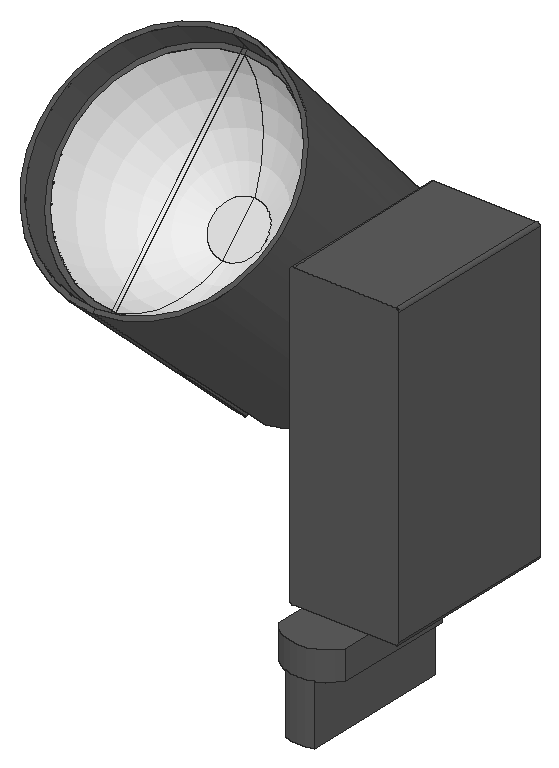
Revit family "0004856 Feilo Sylvania Lighting Fixture START TRACK SPOT L 55W 4K RA80 NB BLACK", category Lighting Fixtures, host Face, Revit 2017
Family settings
  Host = Face
  Round Connector Dimension = Use Diameter
  Part Type = Normal
  OmniClass Number = 23.80.70.00
  OmniClass Title = Lighting
  Cut with Voids When Loaded = No
  Light Source = No
  Shared = No
  Room Calculation Point = No
Parameters (values of type "0004856 START TRACK SPOT L 55W 4K RA80 NB BLACK")
  Weight = "1.398 kg"
  Wattage Comments = ""
  WarrantyStartDate [instance] = "n/a"
  WarrantyGuarantorParts = "n/a"
  WarrantyDurationUnit = "n/a"
  WarrantyDurationParts = "n/a"
  WarrantyDescription = "n/a"
  Voltage = 230 V
  URL = "http://www.sylvania-lighting.com"
  TypeName = "START TRACK SPOT L 55W 4K RA80 NB BLACK"
  TypeHead_FEILO = Start Track Spot Head : 0004856 START TRACK SPOT L 55W 4K RA80 NB BLACK
  TypeBox_FEILO = Start Track Spot Box : Type Large Black
  Type Image = <None>
  Type Comments = "n/a"
  VerticalRotation_FEILO [instance] = 0.00°
  SlideEndAngle_FEILO [instance] = VerticalRotation_FEILO + 180.00°  # 180.00°
  SerialNumber [instance] = "n/a"
  Material_3_FEILO = none
  PowerFactor = 0.96
  PowerConsumption = "55 W"
  NominalLength = 0 mm
  NominalHeight = 240 mm
  NominalDepth = 164 mm
  Name = "START TRACK SPOT L 55W 4K RA80 NB BLACK"
  ModelReference = Name  # "START TRACK SPOT L 55W 4K RA80 NB BLACK"
  ModelNumber = "0004856"
  Model = Name  # "START TRACK SPOT L 55W 4K RA80 NB BLACK"
  Material = "adc12 aluminium housing, polycarbonate diffuser"
  ManufacturerName = "Feilo Sylvania"
  Manufacturer = "Feilo Sylvania"
  LuminousEfficacy = "99 lm/W"
  LuminaireType = ""
  LightOutputRatio = "100"
  LampsType = Lamp  # "LED"
  LampNominalLuminous = "5426 lm"
  LampMacAdamStep = "3"
  LampColourTemperature = "4000 K"
  LampColourRenderingIndex = "80"
  Lamp = "LED"
  Keynote = "16500"
  InstallationDate [instance] = "n/a"
  InputVoltage = "230-240V~"
  InputNominalFrequency = "50/60 Hz"
  IngressProtection = "IP20"
  ImpactProtectionIndex = "IK02"
  IfcExportType = "IfcLightFixtureType"
  IfcExportAs = "IfcLightFixtureType"
  HorizontalRotation_FEILO [instance] = 45.00°
  ExpectedLife = 50000
  ElectricShockClassification = "Class II"
  DurationUnit = "hours"
  DocumentationLiterature = "http://www.sylvania-lighting.com/product/en-int/products/0004856"
  DimmingControlOptions = "Non dimmable"
  Material_2_FEILO = none
  Description = "Integrated LED spotlight, Textured Black - RAL9005, compact and minimalist design, ideal for retail applications, die-cast aluminium body, passive cooling heatsink. Beam angle: 15°, color temperature: 4000K , total system power: 55W, total fixture output: 5426 lm, LOR: 100%, colour rendering: Ra: 80 typical, LED Chromaticity: 3 step MacAdam ellipse, lifetime: >50000 hours at L70B50, energy class: A++, A+, A, IR/UV free light source without heat radiation, operating voltage: 220-240V / 50-60Hz, drive current: 1400mA, electronic driver, non-dimmable, power factor: 0.96, electrical protection: Class II, Global Track 3 Phase adapter suitable for Global trac 3-circuit tracks, ingress protection rating: IP20, suitable for internal environment only, horizontal rotation: 355°, vertical tilt: 90°, dimensions: Ø113x164x240, weight: 1.398kg."
  Default Elevation = 1219.2 mm
  CreatedOn = "12/12/2017"
  CreatedBy = ""
  Cost = 0
  built-in parameter 1114216 [instance] = (empty or 0)
  ClassificationValue = "EF_70_80"
  ClassificationName = "Uniclass2015"
  Material_1_FEILO = Body-Sylvania-StartTrackSpot-Black
  BarCode [instance] = "n/a"
  AssetType = "Fixed"
  AssetIdentifier [instance] = "n/a"
  Assembly Code = "D5020200"
  Apparent Load = 55 VA
  Material_4_FEILO = none
Reference planes
  plane 1 "Center (Front/Back)": y = 0
  plane 2: z = 0
  plane 3 "Center (Left/Right)": x = 0
  plane 4: x = 15
  plane 5: x = -15
  plane 6: y = 35
  plane 7: y = -35
  plane 8: z = 13
  plane 9: z = -27
  plane 10: x = 6.5
  plane 11: x = -6.5
  plane 12: y = 27
  plane 13: y = -27
  plane 14: y = 20
Forms (mm)
  Extrusion 1, solid, material "Body-Sylvania-StartTrackSpot-Black" <- "Material_1_FEILO"
    sketch origin (0, 0, 0) x (1, 0, 0) y (0, 1, 0)
      loop
        line (-15, 27) -> (-15, -27)
        arc (-15, -27) -> (0, -35) -> (15, -27) r 18.062
        line (15, -27) -> (15, 27)
        arc (15, 27) -> (0, 35) -> (-15, 27) r 18.062
    from 0 to 13
  Extrusion 2, solid, material "Body-Sylvania-StartTrackSpot-Black" <- "Material_1_FEILO"
    sketch origin (0, 0, 0) x (1, 0, 0) y (0, 1, 0)
      loop
        arc (6.5, 33.79) -> (0, 35) -> (-6.5, 33.79) r 18.062
        line (-6.5, 33.79) -> (-6.5, -33.79)
        arc (-6.5, -33.79) -> (0, -35) -> (6.5, -33.79) r 18.062
        line (6.5, -33.79) -> (6.5, 33.79)
    from 0 to -27
  Revolve 3, solid, not visible
    sketch origin (1524, 20, 1219.2) x (1, 0, 0) y (0, 0, 1)
      loop
        line (-1524, -1206.2) -> (-1524, -1191.285) -> (-1530.5, -1191.285) -> (-1530.5, -1206.2) -> (-1524, -1206.2)
      axis (-1524, -1191.285) -> (-1524, -1206.2)
    angle from 0 <- "VerticalRotation_FEILO" to 180 <- "SlideEndAngle_FEILO"
Cuts and joins
  joined: Extrusion 1, Extrusion 2
Dimensions and locks
  equal spacing: plane 10, plane 3 "Center (Left/Right)", plane 11
  equal spacing: plane 4, plane 3 "Center (Left/Right)", plane 5
  locked: plane 8 to plane 2 at 13
  locked: plane 8 to plane 9 at 40
  equal spacing: plane 13, plane 1 "Center (Front/Back)", plane 12
  locked: plane 12 to plane 6 at 8
  locked: plane 14 to plane 6 at 15
  locked: Revolve 3 sketch curve to plane 8 at 14.915
  aligned and locked: plane 2 to host face
  aligned and locked: level to host face
  aligned and locked: plane 5 to Extrusion 1 sketch curve  (x2)
  aligned and locked: plane 12 to Extrusion 1 sketch curve
  aligned and locked: plane 13 to Extrusion 1 sketch curve
  aligned and locked: plane 4 to Extrusion 1 sketch curve
  aligned and locked: Extrusion 1 to plane 8
  aligned and locked: Extrusion 1 to level
  aligned and locked: Extrusion 2 sketch curve to Extrusion 1  (x2)
  aligned and locked: Extrusion 2 sketch curve to plane 11
  aligned and locked: plane 10 to Extrusion 2 sketch curve
  aligned and locked: plane 9 to Extrusion 2
  aligned and locked: level to Extrusion 2
  aligned and locked: Revolve 3 sketch curve to plane 3 "Center (Left/Right)"  (x2)
  aligned and locked: plane 11 to Revolve 3 sketch curve
  aligned and locked: Revolve 3 sketch curve to plane 8
Automatic sketch dimensions
  host sketch curve to host sketch curve = 2438.4 mm  (x2)
  Extrusion 1 sketch curve to plane 3 "Center (Left/Right)" = 0 mm  (x2)
  Extrusion 1 sketch curve to plane 13 = 10.062 mm
  plane 12 to Extrusion 1 sketch curve = 10.062 mm
  Revolve 3 sketch curve to plane 3 "Center (Left/Right)" = 0 mm
  plane 9 to Revolve 3 sketch curve = 582.6 mm
  Revolve 3 sketch curve to Revolve 3 sketch curve = 2581.144 mm
Nested families
  nested 1: "Start Track Spot Head" at (-75.5, 20, 133) x (0, 0.7071, 0.7071) z (0, 0.7071, -0.7071), type <- "TypeHead_FEILO", type "0004856 START TRACK SPOT L 55W 4K RA80 NB BLACK"
    with built-in parameter 1114216 (empty or 0)
  nested 2: "Start Track Spot Box" at (8.5, 20, 85) x (-1, 0, 0) z (0, -1, 0), BoxStartAngle_FEILO <- "HorizontalRotation_FEILO", type <- "TypeBox_FEILO", type "Type Large Black"
    with BoxStartAngle_FEILO 45.00°, BoxEndAngle_FEILO -135.00°
Connectors
  electrical at (0, 0, 0), driven by "Apparent Load", driven by "PowerFactor", driven by "Voltage"
    settings: index 1, voltage 230 V, apparent load 55 VA, apparent load phase1 0 VA, apparent load phase2 0 VA, apparent load phase3 0 VA, power factor 0.96, load classification "Lighting", number of poles 1, system type 30, power factor state 1, is connector primary yes, connector utility no, sub classification motor no, connector description ""
Definition of nested family "Start Track Spot Head"
  Parameters (values of type "0004811 START TRACK SPOT S 14W 3K RA80 NB WHITE")
    Wattage Comments = "n/a"
    Wattage = 14 W
    built-in parameter 1150110 = 1 (stored number, unit not read)
    URL = "http://www.feilosylvania.com"
    Type Image = (empty or 0)
    Type Comments = "n/a"
    built-in parameter 1114217 = 1 (stored number, unit not read)
    Tilt Angle = -90.00°
    built-in parameter 1150109 = 1 (stored number, unit not read)
    built-in parameter 1150134 = (empty or 0)
    built-in parameter 1150113 = 1 (stored number, unit not read)
    Photometric Web File = "0004811.ies"
    Material_3_FEILO = none
    Model = "START TRACK SPOT S 14W 3K RA80 NB WHITE"
    Manufacturer = "Feilo Sylvania"
    built-in parameter 1150105 = 123.66 (stored number, unit not read)
    Lumens = 1554 lm
    built-in parameter 1150115 = 1 (stored number, unit not read)
    built-in parameter 1150137 = (empty or 0)
    built-in parameter 1150139 = (empty or 0)
    built-in parameter 1150112 = 1 (stored number, unit not read)
    built-in parameter 1150114 = 1 (stored number, unit not read)
    Lamp = "LED"
    Keynote = "16500"
    Material_2_FEILO = none
    built-in parameter 1150132 = (empty or 0)
    built-in parameter 1150102 = (empty or 0)
    built-in parameter 1150107 = 3000 (stored number, unit not read)
    built-in parameter 1150138 = (empty or 0)
    built-in parameter 1150106 = 1.2366 (stored number, unit not read)
    HeadThickness_FEILO = if(HeadDiaOut_FEILO > 112 mm, 2 mm, 1.5 mm)  # 1.5 mm
    HeadRibOffset_FEILO = HeadHeight_FEILO / 28  # 4.179 mm
    HeadRibDepth_FEILO = HeadHeight_FEILO / 2.1  # 55.714 mm
    HeadRibCutWidth_FEILO = HeadDiaOut_FEILO / 12  # 7.167 mm
    HeadRibCutOffset_FEILO = HeadHeight_FEILO / 2.3  # 50.87 mm
    HeadReflectorRadius_FEILO = HeadDiaOut_FEILO / 1.7  # 50.588 mm
    HeadReflectorOffset_FEILO = HeadHeight_FEILO / 2.1  # 55.714 mm
    HeadLEDRadius_FEILO = HeadDiaOut_FEILO / 9  # 9.556 mm
    HeadHeight_FEILO = 117 mm
    HeadDraft_FEILO = 1 mm
    HeadDiffusorThickness_FEILO = 3 mm
    HeadDiffusorOffset_FEILO = HeadHeight_FEILO / 12.4  # 9.435 mm
    HeadDiaOut_FEILO = 86 mm
    HeadDiaIn_FEILO = HeadDiaOut_FEILO / 1.11  # 77.477 mm
    HeadAxisFromTop_FEILO = HeadHeight_FEILO / 1.687  # 69.354 mm
    Emit from Circle Diameter = HeadDiaIn_FEILO  # 77.477 mm
    Emit Shape Visible in Rendering = no
    built-in parameter 1150104 = 10.312 (stored number, unit not read)
    Dimming Lamp Color Temperature Shift = (empty or 0)
    Description = "Integrated LED spotlight, Textured White - RAL9016, compact and minimalist design, ideal for retail applications, die-cast aluminium body, passive cooling heatsink. Beam angle: 12°, color temperature: 3000K , total system power: 14W, total fixture output: 1551 lm, LOR: 100%, colour rendering: Ra: 80 typical, LED Chromaticity: 3 step MacAdam ellipse, lifetime: >50000 hours at L70B50, energy class: A++, A+, A, IR/UV free light source without heat radiation, operating voltage: 220-240V / 50-60Hz, drive current: 350mA, electronic driver, non-dimmable, power factor: 0.92, electrical protection: Class II, Global Track 3 Phase adapter suitable for Global trac 3-circuit tracks, ingress protection rating: IP20, suitable for internal environment only, horizontal rotation: 355°, vertical tilt: 90°, dimensions: Ø86x140x200, weight: 0.940kg."
    Default Elevation = 1219.2 mm
    Cost = 0
    Color Filter = 16777215
    built-in parameter 1114216 [instance] = (empty or 0)
    Material_1_FEILO = none
    built-in parameter 1114218 = 1 (stored number, unit not read)
    built-in parameter 1150133 = 10 (stored number, unit not read)
    Assembly Code = "D5020200"
    Apparent Load = 14 VA
    Material_4_FEILO = none
  Types (96, lengths in mm): name | Wattage | built-in parameter 1150134 | Photometric Web File | Model | built-in parameter 1150105 | Lumens | built-in parameter 1150107 | built-in parameter 1150106 | HeadThickness_FEILO | HeadRibOffset_FEILO | HeadRibDepth_FEILO | HeadRibCutWidth_FEILO | HeadRibCutOffset_FEILO | HeadReflectorRadius_FEILO | HeadReflectorOffset_FEILO | HeadLEDRadius_FEILO | HeadHeight_FEILO | HeadDiffusorOffset_FEILO | HeadDiaOut_FEILO | HeadDiaIn_FEILO | HeadAxisFromTop_FEILO | Emit from Circle Diameter | built-in parameter 1150104 | Description | Apparent Load
    0004906 START TRACK SPOT L 55W 4K RA90 WB BLACK | 55 W | 12 | "0004906.ies" | "START TRACK SPOT L 55W 4K RA90 WB BLACK" | 385.15 (stored number, unit not read) | 4840 lm | 4000 (stored number, unit not read) | 3.8515 (stored number, unit not read) | 2 | 4.429 | 59.048 | 9.417 | 53.913 | 66.471 | 59.048 | 12.556 | 124 | 10 | 113 | 101.802 | 73.503 | 101.802 | 8.1755 (stored number, unit not read) | "Integrated LED spotlight, Textured Black - RAL9005, compact and minimalist design, ideal for retail applications, die-cast aluminium body, passive cooling heatsink. Beam angle: 52°, color temperature: 4000K , total system power: 55W, total fixture output: 4824 lm, LOR: 100%, colour rendering: Ra: 90 typical, LED Chromaticity: 3 step MacAdam ellipse, lifetime: >50000 hours at L70B50, energy class: A++, A+, A, IR/UV free light source without heat radiation, operating voltage: 220-240V / 50-60Hz, drive current: 1400mA, electronic driver, non-dimmable, power factor: 0.96, electrical protection: Class II, Global Track 3 Phase adapter suitable for Global trac 3-circuit tracks, ingress protection rating: IP20, suitable for internal environment only, horizontal rotation: 355°, vertical tilt: 90°, dimensions: Ø113x164x240, weight: 1.398kg." | 55 VA
    0004905 START TRACK SPOT L 55W 4K RA90 MB BLACK | 55 W | 12 | "0004905.ies" | "START TRACK SPOT L 55W 4K RA90 MB BLACK" | 389.53 (stored number, unit not read) | 4895 lm | 4000 (stored number, unit not read) | 3.8953 (stored number, unit not read) | 2 | 4.429 | 59.048 | 9.417 | 53.913 | 66.471 | 59.048 | 12.556 | 124 | 10 | 113 | 101.802 | 73.503 | 101.802 | 8.2684 (stored number, unit not read) | "Integrated LED spotlight, Textured Black - RAL9005, compact and minimalist design, ideal for retail applications, die-cast aluminium body, passive cooling heatsink. Beam angle: 38°, color temperature: 4000K , total system power: 55W, total fixture output: 4897 lm, LOR: 100%, colour rendering: Ra: 90 typical, LED Chromaticity: 3 step MacAdam ellipse, lifetime: >50000 hours at L70B50, energy class: A++, A+, A, IR/UV free light source without heat radiation, operating voltage: 220-240V / 50-60Hz, drive current: 1400mA, electronic driver, non-dimmable, power factor: 0.96, electrical protection: Class II, Global Track 3 Phase adapter suitable for Global trac 3-circuit tracks, ingress protection rating: IP20, suitable for internal environment only, horizontal rotation: 355°, vertical tilt: 90°, dimensions: Ø113x164x240, weight: 1.398kg." | 55 VA
    0004904 START TRACK SPOT L 55W 4K RA90 NB BLACK | 55 W | 12 | "0004904.ies" | "START TRACK SPOT L 55W 4K RA90 NB BLACK" | 393.91 (stored number, unit not read) | 4950 lm | 4000 (stored number, unit not read) | 3.9391 (stored number, unit not read) | 2 | 4.429 | 59.048 | 9.417 | 53.913 | 66.471 | 59.048 | 12.556 | 124 | 10 | 113 | 101.802 | 73.503 | 101.802 | 8.3613 (stored number, unit not read) | "Integrated LED spotlight, Textured Black - RAL9005, compact and minimalist design, ideal for retail applications, die-cast aluminium body, passive cooling heatsink. Beam angle: 15°, color temperature: 4000K , total system power: 55W, total fixture output: 4965 lm, LOR: 100%, colour rendering: Ra: 90 typical, LED Chromaticity: 3 step MacAdam ellipse, lifetime: >50000 hours at L70B50, energy class: A++, A+, A, IR/UV free light source without heat radiation, operating voltage: 220-240V / 50-60Hz, drive current: 1400mA, electronic driver, non-dimmable, power factor: 0.96, electrical protection: Class II, Global Track 3 Phase adapter suitable for Global trac 3-circuit tracks, ingress protection rating: IP20, suitable for internal environment only, horizontal rotation: 355°, vertical tilt: 90°, dimensions: Ø113x164x240, weight: 1.398kg." | 55 VA
    0004903 START TRACK SPOT L 35W 4K RA90 WB BLACK | 35 W | 12 | "0004903.ies" | "START TRACK SPOT L 35W 4K RA90 WB BLACK" | 284.09 (stored number, unit not read) | 3570 lm | 4000 (stored number, unit not read) | 2.8409 (stored number, unit not read) | 2 | 4.429 | 59.048 | 9.417 | 53.913 | 66.471 | 59.048 | 12.556 | 124 | 10 | 113 | 101.802 | 73.503 | 101.802 | 9.4761 (stored number, unit not read) | "Integrated LED spotlight, Textured Black - RAL9005, compact and minimalist design, ideal for retail applications, die-cast aluminium body, passive cooling heatsink. Beam angle: 52°, color temperature: 4000K , total system power: 35W, total fixture output: 3562 lm, LOR: 100%, colour rendering: Ra: 90 typical, LED Chromaticity: 3 step MacAdam ellipse, lifetime: >50000 hours at L70B50, energy class: A++, A+, A, IR/UV free light source without heat radiation, operating voltage: 220-240V / 50-60Hz, drive current: 900mA, electronic driver, non-dimmable, power factor: 0.93, electrical protection: Class II, Global Track 3 Phase adapter suitable for Global trac 3-circuit tracks, ingress protection rating: IP20, suitable for internal environment only, horizontal rotation: 355°, vertical tilt: 90°, dimensions: Ø113x164x240, weight: 1.368kg." | 35 VA
    0004902 START TRACK SPOT L 35W 4K RA90 MB BLACK | 35 W | 12 | "0004902.ies" | "START TRACK SPOT L 35W 4K RA90 MB BLACK" | 286.88 (stored number, unit not read) | 3605 lm | 4000 (stored number, unit not read) | 2.8688 (stored number, unit not read) | 2 | 4.429 | 59.048 | 9.417 | 53.913 | 66.471 | 59.048 | 12.556 | 124 | 10 | 113 | 101.802 | 73.503 | 101.802 | 9.569 (stored number, unit not read) | "Integrated LED spotlight, Textured Black - RAL9005, compact and minimalist design, ideal for retail applications, die-cast aluminium body, passive cooling heatsink. Beam angle: 38°, color temperature: 4000K , total system power: 35W, total fixture output: 3616 lm, LOR: 100%, colour rendering: Ra: 90 typical, LED Chromaticity: 3 step MacAdam ellipse, lifetime: >50000 hours at L70B50, energy class: A++, A+, A, IR/UV free light source without heat radiation, operating voltage: 220-240V / 50-60Hz, drive current: 900mA, electronic driver, non-dimmable, power factor: 0.93, electrical protection: Class II, Global Track 3 Phase adapter suitable for Global trac 3-circuit tracks, ingress protection rating: IP20, suitable for internal environment only, horizontal rotation: 355°, vertical tilt: 90°, dimensions: Ø113x164x240, weight: 1.368kg." | 35 VA
    0004901 START TRACK SPOT L 35W 4K RA90 NB BLACK | 35 W | 12 | "0004901.ies" | "START TRACK SPOT L 35W 4K RA90 NB BLACK" | 286.88 (stored number, unit not read) | 3605 lm | 4000 (stored number, unit not read) | 2.8688 (stored number, unit not read) | 2 | 4.429 | 59.048 | 9.417 | 53.913 | 66.471 | 59.048 | 12.556 | 124 | 10 | 113 | 101.802 | 73.503 | 101.802 | 9.569 (stored number, unit not read) | "Integrated LED spotlight, Textured Black - RAL9005, compact and minimalist design, ideal for retail applications, die-cast aluminium body, passive cooling heatsink. Beam angle: 15°, color temperature: 4000K , total system power: 35W, total fixture output: 3593 lm, LOR: 100%, colour rendering: Ra: 90 typical, LED Chromaticity: 3 step MacAdam ellipse, lifetime: >50000 hours at L70B50, energy class: A++, A+, A, IR/UV free light source without heat radiation, operating voltage: 220-240V / 50-60Hz, drive current: 900mA, electronic driver, non-dimmable, power factor: 0.93, electrical protection: Class II, Global Track 3 Phase adapter suitable for Global trac 3-circuit tracks, ingress protection rating: IP20, suitable for internal environment only, horizontal rotation: 355°, vertical tilt: 90°, dimensions: Ø113x164x240, weight: 1.368kg." | 35 VA
    0004900 START TRACK SPOT S 24W 4K RA90 WB BLACK | 24 W | 12 | "0004900.ies" | "START TRACK SPOT S 24W 4K RA90 WB BLACK" | 166.16 (stored number, unit not read) | 2088 lm | 4000 (stored number, unit not read) | 1.6616 (stored number, unit not read) | 1.5 | 4.179 | 55.714 | 7.167 | 50.87 | 50.588 | 55.714 | 9.556 | 117 | 9.435 | 86 | 77.477 | 69.354 | 77.477 | 8.0826 (stored number, unit not read) | "Integrated LED spotlight, Textured Black - RAL9005, compact and minimalist design, ideal for retail applications, die-cast aluminium body, passive cooling heatsink. Beam angle: 64°, color temperature: 4000K , total system power: 24W, total fixture output: 2087 lm, LOR: 100%, colour rendering: Ra: 90 typical, LED Chromaticity: 3 step MacAdam ellipse, lifetime: >50000 hours at L70B50, energy class: A++, A+, A, IR/UV free light source without heat radiation, operating voltage: 220-240V / 50-60Hz, drive current: 600mA, electronic driver, non-dimmable, power factor: 0.95, electrical protection: Class II, Global Track 3 Phase adapter suitable for Global trac 3-circuit tracks, ingress protection rating: IP20, suitable for internal environment only, horizontal rotation: 355°, vertical tilt: 90°, dimensions: Ø86x140x200, weight: 0.966kg." | 24 VA
    0004899 START TRACK SPOT S 24W 4K RA90 MB BLACK | 24 W | 12 | "0004899.ies" | "START TRACK SPOT S 24W 4K RA90 MB BLACK" | 169.98 (stored number, unit not read) | 2136 lm | 4000 (stored number, unit not read) | 1.6998 (stored number, unit not read) | 1.5 | 4.179 | 55.714 | 7.167 | 50.87 | 50.588 | 55.714 | 9.556 | 117 | 9.435 | 86 | 77.477 | 69.354 | 77.477 | 8.2684 (stored number, unit not read) | "Integrated LED spotlight, Textured Black - RAL9005, compact and minimalist design, ideal for retail applications, die-cast aluminium body, passive cooling heatsink. Beam angle: 36°, color temperature: 4000K , total system power: 24W, total fixture output: 2141 lm, LOR: 100%, colour rendering: Ra: 90 typical, LED Chromaticity: 3 step MacAdam ellipse, lifetime: >50000 hours at L70B50, energy class: A++, A+, A, IR/UV free light source without heat radiation, operating voltage: 220-240V / 50-60Hz, drive current: 600mA, electronic driver, non-dimmable, power factor: 0.95, electrical protection: Class II, Global Track 3 Phase adapter suitable for Global trac 3-circuit tracks, ingress protection rating: IP20, suitable for internal environment only, horizontal rotation: 355°, vertical tilt: 90°, dimensions: Ø86x140x200, weight: 0.966kg." | 24 VA
    0004898 START TRACK SPOT S 24W 4K RA90 NB BLACK | 24 W | 12 | "0004898.ies" | "START TRACK SPOT S 24W 4K RA90 NB BLACK" | 171.89 (stored number, unit not read) | 2160 lm | 4000 (stored number, unit not read) | 1.7189 (stored number, unit not read) | 1.5 | 4.179 | 55.714 | 7.167 | 50.87 | 50.588 | 55.714 | 9.556 | 117 | 9.435 | 86 | 77.477 | 69.354 | 77.477 | 8.3613 (stored number, unit not read) | "Integrated LED spotlight, Textured Black - RAL9005, compact and minimalist design, ideal for retail applications, die-cast aluminium body, passive cooling heatsink. Beam angle: 12°, color temperature: 4000K , total system power: 24W, total fixture output: 2155 lm, LOR: 100%, colour rendering: Ra: 90 typical, LED Chromaticity: 3 step MacAdam ellipse, lifetime: >50000 hours at L70B50, energy class: A++, A+, A, IR/UV free light source without heat radiation, operating voltage: 220-240V / 50-60Hz, drive current: 600mA, electronic driver, non-dimmable, power factor: 0.95, electrical protection: Class II, Global Track 3 Phase adapter suitable for Global trac 3-circuit tracks, ingress protection rating: IP20, suitable for internal environment only, horizontal rotation: 355°, vertical tilt: 90°, dimensions: Ø86x140x200, weight: 0.966kg." | 24 VA
    0004897 START TRACK SPOT S 14W 4K RA90 WB BLACK | 14 W | 12 | "0004897.ies" | "START TRACK SPOT S 14W 4K RA90 WB BLACK" | 108.07 (stored number, unit not read) | 1358 lm | 4000 (stored number, unit not read) | 1.0807 (stored number, unit not read) | 1.5 | 4.179 | 55.714 | 7.167 | 50.87 | 50.588 | 55.714 | 9.556 | 117 | 9.435 | 86 | 77.477 | 69.354 | 77.477 | 9.0116 (stored number, unit not read) | "Integrated LED spotlight, Textured Black - RAL9005, compact and minimalist design, ideal for retail applications, die-cast aluminium body, passive cooling heatsink. Beam angle: 64°, color temperature: 4000K , total system power: 14W, total fixture output: 1352 lm, LOR: 100%, colour rendering: Ra: 90 typical, LED Chromaticity: 3 step MacAdam ellipse, lifetime: >50000 hours at L70B50, energy class: A++, A+, A, IR/UV free light source without heat radiation, operating voltage: 220-240V / 50-60Hz, drive current: 350mA, electronic driver, non-dimmable, power factor: 0.92, electrical protection: Class II, Global Track 3 Phase adapter suitable for Global trac 3-circuit tracks, ingress protection rating: IP20, suitable for internal environment only, horizontal rotation: 355°, vertical tilt: 90°, dimensions: Ø86x140x200, weight: 0.940kg." | 14 VA
    0004896 START TRACK SPOT S 14W 4K RA90 MB BLACK | 14 W | 12 | "0004896.ies" | "START TRACK SPOT S 14W 4K RA90 MB BLACK" | 108.07 (stored number, unit not read) | 1358 lm | 4000 (stored number, unit not read) | 1.0807 (stored number, unit not read) | 1.5 | 4.179 | 55.714 | 7.167 | 50.87 | 50.588 | 55.714 | 9.556 | 117 | 9.435 | 86 | 77.477 | 69.354 | 77.477 | 9.0116 (stored number, unit not read) | "Integrated LED spotlight, Textured Black - RAL9005, compact and minimalist design, ideal for retail applications, die-cast aluminium body, passive cooling heatsink. Beam angle: 36°, color temperature: 4000K , total system power: 14W, total fixture output: 1359 lm, LOR: 100%, colour rendering: Ra: 90 typical, LED Chromaticity: 3 step MacAdam ellipse, lifetime: >50000 hours at L70B50, energy class: A++, A+, A, IR/UV free light source without heat radiation, operating voltage: 220-240V / 50-60Hz, drive current: 350mA, electronic driver, non-dimmable, power factor: 0.92, electrical protection: Class II, Global Track 3 Phase adapter suitable for Global trac 3-circuit tracks, ingress protection rating: IP20, suitable for internal environment only, horizontal rotation: 355°, vertical tilt: 90°, dimensions: Ø86x140x200, weight: 0.940kg." | 14 VA
    0004895 START TRACK SPOT S 14W 4K RA90 NB BLACK | 14 W | 12 | "0004895.ies" | "START TRACK SPOT S 14W 4K RA90 NB BLACK" | 106.95 (stored number, unit not read) | 1344 lm | 4000 (stored number, unit not read) | 1.0695 (stored number, unit not read) | 1.5 | 4.179 | 55.714 | 7.167 | 50.87 | 50.588 | 55.714 | 9.556 | 117 | 9.435 | 86 | 77.477 | 69.354 | 77.477 | 8.9187 (stored number, unit not read) | "Integrated LED spotlight, Textured Black - RAL9005, compact and minimalist design, ideal for retail applications, die-cast aluminium body, passive cooling heatsink. Beam angle: 12°, color temperature: 4000K , total system power: 14W, total fixture output: 1349 lm, LOR: 100%, colour rendering: Ra: 90 typical, LED Chromaticity: 3 step MacAdam ellipse, lifetime: >50000 hours at L70B50, energy class: A++, A+, A, IR/UV free light source without heat radiation, operating voltage: 220-240V / 50-60Hz, drive current: 350mA, electronic driver, non-dimmable, power factor: 0.92, electrical protection: Class II, Global Track 3 Phase adapter suitable for Global trac 3-circuit tracks, ingress protection rating: IP20, suitable for internal environment only, horizontal rotation: 355°, vertical tilt: 90°, dimensions: Ø86x140x200, weight: 0.940kg." | 14 VA
    0004894 START TRACK SPOT L 55W 3K RA90 WB BLACK | 55 W | (empty or 0) | "0004894.ies" | "START TRACK SPOT L 55W 3K RA90 WB BLACK" | 350.14 (stored number, unit not read) | 4400 lm | 3000 (stored number, unit not read) | 3.5014 (stored number, unit not read) | 2 | 4.429 | 59.048 | 9.417 | 53.913 | 66.471 | 59.048 | 12.556 | 124 | 10 | 113 | 101.802 | 73.503 | 101.802 | 7.4322 (stored number, unit not read) | "Integrated LED spotlight, Textured Black - RAL9005, compact and minimalist design, ideal for retail applications, die-cast aluminium body, passive cooling heatsink. Beam angle: 52°, color temperature: 3000K , total system power: 55W, total fixture output: 4405 lm, LOR: 100%, colour rendering: Ra: 90 typical, LED Chromaticity: 3 step MacAdam ellipse, lifetime: >50000 hours at L70B50, energy class: A++, A+, A, IR/UV free light source without heat radiation, operating voltage: 220-240V / 50-60Hz, drive current: 1400mA, electronic driver, non-dimmable, power factor: 0.96, electrical protection: Class II, Global Track 3 Phase adapter suitable for Global trac 3-circuit tracks, ingress protection rating: IP20, suitable for internal environment only, horizontal rotation: 355°, vertical tilt: 90°, dimensions: Ø113x164x240, weight: 1.398kg." | 55 VA
    0004893 START TRACK SPOT L 55W 3K RA90 MB BLACK | 55 W | (empty or 0) | "0004893.ies" | "START TRACK SPOT L 55W 3K RA90 MB BLACK" | 354.52 (stored number, unit not read) | 4455 lm | 3000 (stored number, unit not read) | 3.5452 (stored number, unit not read) | 2 | 4.429 | 59.048 | 9.417 | 53.913 | 66.471 | 59.048 | 12.556 | 124 | 10 | 113 | 101.802 | 73.503 | 101.802 | 7.5251 (stored number, unit not read) | "Integrated LED spotlight, Textured Black - RAL9005, compact and minimalist design, ideal for retail applications, die-cast aluminium body, passive cooling heatsink. Beam angle: 38°, color temperature: 3000K , total system power: 55W, total fixture output: 4448 lm, LOR: 100%, colour rendering: Ra: 90 typical, LED Chromaticity: 3 step MacAdam ellipse, lifetime: >50000 hours at L70B50, energy class: A++, A+, A, IR/UV free light source without heat radiation, operating voltage: 220-240V / 50-60Hz, drive current: 1400mA, electronic driver, non-dimmable, power factor: 0.96, electrical protection: Class II, Global Track 3 Phase adapter suitable for Global trac 3-circuit tracks, ingress protection rating: IP20, suitable for internal environment only, horizontal rotation: 355°, vertical tilt: 90°, dimensions: Ø113x164x240, weight: 1.398kg." | 55 VA
    0004892 START TRACK SPOT L 55W 3K RA90 NB BLACK | 55 W | (empty or 0) | "0004892.ies" | "START TRACK SPOT L 55W 3K RA90 NB BLACK" | 350.14 (stored number, unit not read) | 4400 lm | 3000 (stored number, unit not read) | 3.5014 (stored number, unit not read) | 2 | 4.429 | 59.048 | 9.417 | 53.913 | 66.471 | 59.048 | 12.556 | 124 | 10 | 113 | 101.802 | 73.503 | 101.802 | 7.4322 (stored number, unit not read) | "Integrated LED spotlight, Textured Black - RAL9005, compact and minimalist design, ideal for retail applications, die-cast aluminium body, passive cooling heatsink. Beam angle: 15°, color temperature: 3000K , total system power: 55W, total fixture output: 4416 lm, LOR: 100%, colour rendering: Ra: 90 typical, LED Chromaticity: 3 step MacAdam ellipse, lifetime: >50000 hours at L70B50, energy class: A++, A+, A, IR/UV free light source without heat radiation, operating voltage: 220-240V / 50-60Hz, drive current: 1400mA, electronic driver, non-dimmable, power factor: 0.96, electrical protection: Class II, Global Track 3 Phase adapter suitable for Global trac 3-circuit tracks, ingress protection rating: IP20, suitable for internal environment only, horizontal rotation: 355°, vertical tilt: 90°, dimensions: Ø113x164x240, weight: 1.398kg." | 55 VA
    0004891 START TRACK SPOT L 35W 3K RA90 WB BLACK | 35 W | (empty or 0) | "0004891.ies" | "START TRACK SPOT L 35W 3K RA90 WB BLACK" | 259.02 (stored number, unit not read) | 3255 lm | 3000 (stored number, unit not read) | 2.5902 (stored number, unit not read) | 2 | 4.429 | 59.048 | 9.417 | 53.913 | 66.471 | 59.048 | 12.556 | 124 | 10 | 113 | 101.802 | 73.503 | 101.802 | 8.64 (stored number, unit not read) | "Integrated LED spotlight, Textured Black - RAL9005, compact and minimalist design, ideal for retail applications, die-cast aluminium body, passive cooling heatsink. Beam angle: 52°, color temperature: 3000K , total system power: 35W, total fixture output: 3260 lm, LOR: 100%, colour rendering: Ra: 90 typical, LED Chromaticity: 3 step MacAdam ellipse, lifetime: >50000 hours at L70B50, energy class: A++, A+, A, IR/UV free light source without heat radiation, operating voltage: 220-240V / 50-60Hz, drive current: 900mA, electronic driver, non-dimmable, power factor: 0.93, electrical protection: Class II, Global Track 3 Phase adapter suitable for Global trac 3-circuit tracks, ingress protection rating: IP20, suitable for internal environment only, horizontal rotation: 355°, vertical tilt: 90°, dimensions: Ø113x164x240, weight: 1.368kg." | 35 VA
    0004890 START TRACK SPOT L 35W 3K RA90 MB BLACK | 35 W | (empty or 0) | "0004890.ies" | "START TRACK SPOT L 35W 3K RA90 MB BLACK" | 261.81 (stored number, unit not read) | 3290 lm | 3000 (stored number, unit not read) | 2.6181 (stored number, unit not read) | 2 | 4.429 | 59.048 | 9.417 | 53.913 | 66.471 | 59.048 | 12.556 | 124 | 10 | 113 | 101.802 | 73.503 | 101.802 | 8.7329 (stored number, unit not read) | "Integrated LED spotlight, Textured Black - RAL9005, compact and minimalist design, ideal for retail applications, die-cast aluminium body, passive cooling heatsink. Beam angle: 38°, color temperature: 3000K , total system power: 35W, total fixture output: 3306 lm, LOR: 100%, colour rendering: Ra: 90 typical, LED Chromaticity: 3 step MacAdam ellipse, lifetime: >50000 hours at L70B50, energy class: A++, A+, A, IR/UV free light source without heat radiation, operating voltage: 220-240V / 50-60Hz, drive current: 900mA, electronic driver, non-dimmable, power factor: 0.93, electrical protection: Class II, Global Track 3 Phase adapter suitable for Global trac 3-circuit tracks, ingress protection rating: IP20, suitable for internal environment only, horizontal rotation: 355°, vertical tilt: 90°, dimensions: Ø113x164x240, weight: 1.368kg." | 35 VA
    0004889 START TRACK SPOT L 35W 3K RA90 NB BLACK | 35 W | (empty or 0) | "0004889.ies" | "START TRACK SPOT L 35W 3K RA90 NB BLACK" | 261.81 (stored number, unit not read) | 3290 lm | 3000 (stored number, unit not read) | 2.6181 (stored number, unit not read) | 2 | 4.429 | 59.048 | 9.417 | 53.913 | 66.471 | 59.048 | 12.556 | 124 | 10 | 113 | 101.802 | 73.503 | 101.802 | 8.7329 (stored number, unit not read) | "Integrated LED spotlight, Textured Black - RAL9005, compact and minimalist design, ideal for retail applications, die-cast aluminium body, passive cooling heatsink. Beam angle: 15°, color temperature: 3000K , total system power: 35W, total fixture output: 3287 lm, LOR: 100%, colour rendering: Ra: 90 typical, LED Chromaticity: 3 step MacAdam ellipse, lifetime: >50000 hours at L70B50, energy class: A++, A+, A, IR/UV free light source without heat radiation, operating voltage: 220-240V / 50-60Hz, drive current: 900mA, electronic driver, non-dimmable, power factor: 0.93, electrical protection: Class II, Global Track 3 Phase adapter suitable for Global trac 3-circuit tracks, ingress protection rating: IP20, suitable for internal environment only, horizontal rotation: 355°, vertical tilt: 90°, dimensions: Ø113x164x240, weight: 1.368kg." | 35 VA
    0004888 START TRACK SPOT S 24W 3K RA90 WB BLACK | 24 W | (empty or 0) | "0004888.ies" | "START TRACK SPOT S 24W 3K RA90 WB BLACK" | 152.79 (stored number, unit not read) | 1920 lm | 3000 (stored number, unit not read) | 1.5279 (stored number, unit not read) | 1.5 | 4.179 | 55.714 | 7.167 | 50.87 | 50.588 | 55.714 | 9.556 | 117 | 9.435 | 86 | 77.477 | 69.354 | 77.477 | 7.4322 (stored number, unit not read) | "Integrated LED spotlight, Textured Black - RAL9005, compact and minimalist design, ideal for retail applications, die-cast aluminium body, passive cooling heatsink. Beam angle: 64°, color temperature: 3000K , total system power: 24W, total fixture output: 1928 lm, LOR: 100%, colour rendering: Ra: 90 typical, LED Chromaticity: 3 step MacAdam ellipse, lifetime: >50000 hours at L70B50, energy class: A++, A+, A, IR/UV free light source without heat radiation, operating voltage: 220-240V / 50-60Hz, drive current: 600mA, electronic driver, non-dimmable, power factor: 0.95, electrical protection: Class II, Global Track 3 Phase adapter suitable for Global trac 3-circuit tracks, ingress protection rating: IP20, suitable for internal environment only, horizontal rotation: 355°, vertical tilt: 90°, dimensions: Ø86x140x200, weight: 0.966kg." | 24 VA
    0004887 START TRACK SPOT S 24W 3K RA90 MB BLACK | 24 W | (empty or 0) | "0004887.ies" | "START TRACK SPOT S 24W 3K RA90 MB BLACK" | 154.7 (stored number, unit not read) | 1944 lm | 3000 (stored number, unit not read) | 1.547 (stored number, unit not read) | 1.5 | 4.179 | 55.714 | 7.167 | 50.87 | 50.588 | 55.714 | 9.556 | 117 | 9.435 | 86 | 77.477 | 69.354 | 77.477 | 7.5251 (stored number, unit not read) | "Integrated LED spotlight, Textured Black - RAL9005, compact and minimalist design, ideal for retail applications, die-cast aluminium body, passive cooling heatsink. Beam angle: 36°, color temperature: 3000K , total system power: 24W, total fixture output: 1944 lm, LOR: 100%, colour rendering: Ra: 90 typical, LED Chromaticity: 3 step MacAdam ellipse, lifetime: >50000 hours at L70B50, energy class: A++, A+, A, IR/UV free light source without heat radiation, operating voltage: 220-240V / 50-60Hz, drive current: 600mA, electronic driver, non-dimmable, power factor: 0.95, electrical protection: Class II, Global Track 3 Phase adapter suitable for Global trac 3-circuit tracks, ingress protection rating: IP20, suitable for internal environment only, horizontal rotation: 355°, vertical tilt: 90°, dimensions: Ø86x140x200, weight: 0.966kg." | 24 VA
    0004886 START TRACK SPOT S 24W 3K RA90 NB BLACK | 24 W | (empty or 0) | "0004886.ies" | "START TRACK SPOT S 24W 3K RA90 NB BLACK" | 158.52 (stored number, unit not read) | 1992 lm | 3000 (stored number, unit not read) | 1.5852 (stored number, unit not read) | 1.5 | 4.179 | 55.714 | 7.167 | 50.87 | 50.588 | 55.714 | 9.556 | 117 | 9.435 | 86 | 77.477 | 69.354 | 77.477 | 7.711 (stored number, unit not read) | "Integrated LED spotlight, Textured Black - RAL9005, compact and minimalist design, ideal for retail applications, die-cast aluminium body, passive cooling heatsink. Beam angle: 12°, color temperature: 3000K , total system power: 24W, total fixture output: 1987 lm, LOR: 100%, colour rendering: Ra: 90 typical, LED Chromaticity: 3 step MacAdam ellipse, lifetime: >50000 hours at L70B50, energy class: A++, A+, A, IR/UV free light source without heat radiation, operating voltage: 220-240V / 50-60Hz, drive current: 600mA, electronic driver, non-dimmable, power factor: 0.95, electrical protection: Class II, Global Track 3 Phase adapter suitable for Global trac 3-circuit tracks, ingress protection rating: IP20, suitable for internal environment only, horizontal rotation: 355°, vertical tilt: 90°, dimensions: Ø86x140x200, weight: 0.966kg." | 24 VA
    0004885 START TRACK SPOT S 14W 3K RA90 WB BLACK | 14 W | (empty or 0) | "0004885.ies" | "START TRACK SPOT S 14W 3K RA90 WB BLACK" | 100.27 (stored number, unit not read) | 1260 lm | 3000 (stored number, unit not read) | 1.0027 (stored number, unit not read) | 1.5 | 4.179 | 55.714 | 7.167 | 50.87 | 50.588 | 55.714 | 9.556 | 117 | 9.435 | 86 | 77.477 | 69.354 | 77.477 | 8.3613 (stored number, unit not read) | "Integrated LED spotlight, Textured Black - RAL9005, compact and minimalist design, ideal for retail applications, die-cast aluminium body, passive cooling heatsink. Beam angle: 64°, color temperature: 3000K , total system power: 14W, total fixture output: 1262 lm, LOR: 100%, colour rendering: Ra: 90 typical, LED Chromaticity: 3 step MacAdam ellipse, lifetime: >50000 hours at L70B50, energy class: A++, A+, A, IR/UV free light source without heat radiation, operating voltage: 220-240V / 50-60Hz, drive current: 350mA, electronic driver, non-dimmable, power factor: 0.92, electrical protection: Class II, Global Track 3 Phase adapter suitable for Global trac 3-circuit tracks, ingress protection rating: IP20, suitable for internal environment only, horizontal rotation: 355°, vertical tilt: 90°, dimensions: Ø86x140x200, weight: 0.940kg." | 14 VA
    0004884 START TRACK SPOT S 14W 3K RA90 MB BLACK | 14 W | (empty or 0) | "0004884.ies" | "START TRACK SPOT S 14W 3K RA90 MB BLACK" | 100.27 (stored number, unit not read) | 1260 lm | 3000 (stored number, unit not read) | 1.0027 (stored number, unit not read) | 1.5 | 4.179 | 55.714 | 7.167 | 50.87 | 50.588 | 55.714 | 9.556 | 117 | 9.435 | 86 | 77.477 | 69.354 | 77.477 | 8.3613 (stored number, unit not read) | "Integrated LED spotlight, Textured Black - RAL9005, compact and minimalist design, ideal for retail applications, die-cast aluminium body, passive cooling heatsink. Beam angle: 36°, color temperature: 3000K , total system power: 14W, total fixture output: 1262 lm, LOR: 100%, colour rendering: Ra: 90 typical, LED Chromaticity: 3 step MacAdam ellipse, lifetime: >50000 hours at L70B50, energy class: A++, A+, A, IR/UV free light source without heat radiation, operating voltage: 220-240V / 50-60Hz, drive current: 350mA, electronic driver, non-dimmable, power factor: 0.92, electrical protection: Class II, Global Track 3 Phase adapter suitable for Global trac 3-circuit tracks, ingress protection rating: IP20, suitable for internal environment only, horizontal rotation: 355°, vertical tilt: 90°, dimensions: Ø86x140x200, weight: 0.940kg." | 14 VA
    0004883 START TRACK SPOT S 14W 3K RA90 NB BLACK | 14 W | (empty or 0) | "0004883.ies" | "START TRACK SPOT S 14W 3K RA90 NB BLACK" | 102.5 (stored number, unit not read) | 1288 lm | 3000 (stored number, unit not read) | 1.025 (stored number, unit not read) | 1.5 | 4.179 | 55.714 | 7.167 | 50.87 | 50.588 | 55.714 | 9.556 | 117 | 9.435 | 86 | 77.477 | 69.354 | 77.477 | 8.5471 (stored number, unit not read) | "Integrated LED spotlight, Textured Black - RAL9005, compact and minimalist design, ideal for retail applications, die-cast aluminium body, passive cooling heatsink. Beam angle: 12°, color temperature: 3000K , total system power: 14W, total fixture output: 1284 lm, LOR: 100%, colour rendering: Ra: 90 typical, LED Chromaticity: 3 step MacAdam ellipse, lifetime: >50000 hours at L70B50, energy class: A++, A+, A, IR/UV free light source without heat radiation, operating voltage: 220-240V / 50-60Hz, drive current: 350mA, electronic driver, non-dimmable, power factor: 0.92, electrical protection: Class II, Global Track 3 Phase adapter suitable for Global trac 3-circuit tracks, ingress protection rating: IP20, suitable for internal environment only, horizontal rotation: 355°, vertical tilt: 90°, dimensions: Ø86x140x200, weight: 0.940kg." | 14 VA
    0004882 START TRACK SPOT L 55W 4K RA90 WB WHITE | 55 W | 12 | "0004882.ies" | "START TRACK SPOT L 55W 4K RA90 WB WHITE" | 385.15 (stored number, unit not read) | 4840 lm | 4000 (stored number, unit not read) | 3.8515 (stored number, unit not read) | 2 | 4.429 | 59.048 | 9.417 | 53.913 | 66.471 | 59.048 | 12.556 | 124 | 10 | 113 | 101.802 | 73.503 | 101.802 | 8.1755 (stored number, unit not read) | "Integrated LED spotlight, Textured White - RAL9016, compact and minimalist design, ideal for retail applications, die-cast aluminium body, passive cooling heatsink. Beam angle: 52°, color temperature: 4000K , total system power: 55W, total fixture output: 4824 lm, LOR: 100%, colour rendering: Ra: 90 typical, LED Chromaticity: 3 step MacAdam ellipse, lifetime: >50000 hours at L70B50, energy class: A++, A+, A, IR/UV free light source without heat radiation, operating voltage: 220-240V / 50-60Hz, drive current: 1400mA, electronic driver, non-dimmable, power factor: 0.96, electrical protection: Class II, Global Track 3 Phase adapter suitable for Global trac 3-circuit tracks, ingress protection rating: IP20, suitable for internal environment only, horizontal rotation: 355°, vertical tilt: 90°, dimensions: Ø113x164x240, weight: 1.398kg." | 55 VA
    0004881 START TRACK SPOT L 55W 4K RA90 MB WHITE | 55 W | 12 | "0004881.ies" | "START TRACK SPOT L 55W 4K RA90 MB WHITE" | 389.53 (stored number, unit not read) | 4895 lm | 4000 (stored number, unit not read) | 3.8953 (stored number, unit not read) | 2 | 4.429 | 59.048 | 9.417 | 53.913 | 66.471 | 59.048 | 12.556 | 124 | 10 | 113 | 101.802 | 73.503 | 101.802 | 8.2684 (stored number, unit not read) | "Integrated LED spotlight, Textured White - RAL9016, compact and minimalist design, ideal for retail applications, die-cast aluminium body, passive cooling heatsink. Beam angle: 38°, color temperature: 4000K , total system power: 55W, total fixture output: 4897 lm, LOR: 100%, colour rendering: Ra: 90 typical, LED Chromaticity: 3 step MacAdam ellipse, lifetime: >50000 hours at L70B50, energy class: A++, A+, A, IR/UV free light source without heat radiation, operating voltage: 220-240V / 50-60Hz, drive current: 1400mA, electronic driver, non-dimmable, power factor: 0.96, electrical protection: Class II, Global Track 3 Phase adapter suitable for Global trac 3-circuit tracks, ingress protection rating: IP20, suitable for internal environment only, horizontal rotation: 355°, vertical tilt: 90°, dimensions: Ø113x164x240, weight: 1.398kg." | 55 VA
    0004880 START TRACK SPOT L 55W 4K RA90 NB WHITE | 55 W | 12 | "0004880.ies" | "START TRACK SPOT L 55W 4K RA90 NB WHITE" | 393.91 (stored number, unit not read) | 4950 lm | 4000 (stored number, unit not read) | 3.9391 (stored number, unit not read) | 2 | 4.429 | 59.048 | 9.417 | 53.913 | 66.471 | 59.048 | 12.556 | 124 | 10 | 113 | 101.802 | 73.503 | 101.802 | 8.3613 (stored number, unit not read) | "Integrated LED spotlight, Textured White - RAL9016, compact and minimalist design, ideal for retail applications, die-cast aluminium body, passive cooling heatsink. Beam angle: 15°, color temperature: 4000K , total system power: 55W, total fixture output: 4965 lm, LOR: 100%, colour rendering: Ra: 90 typical, LED Chromaticity: 3 step MacAdam ellipse, lifetime: >50000 hours at L70B50, energy class: A++, A+, A, IR/UV free light source without heat radiation, operating voltage: 220-240V / 50-60Hz, drive current: 1400mA, electronic driver, non-dimmable, power factor: 0.96, electrical protection: Class II, Global Track 3 Phase adapter suitable for Global trac 3-circuit tracks, ingress protection rating: IP20, suitable for internal environment only, horizontal rotation: 355°, vertical tilt: 90°, dimensions: Ø113x164x240, weight: 1.398kg." | 55 VA
    0004879 START TRACK SPOT L 35W 4K RA90 WB WHITE | 35 W | 12 | "0004879.ies" | "START TRACK SPOT L 35W 4K RA90 WB WHITE" | 284.09 (stored number, unit not read) | 3570 lm | 4000 (stored number, unit not read) | 2.8409 (stored number, unit not read) | 2 | 4.429 | 59.048 | 9.417 | 53.913 | 66.471 | 59.048 | 12.556 | 124 | 10 | 113 | 101.802 | 73.503 | 101.802 | 9.4761 (stored number, unit not read) | "Integrated LED spotlight, Textured White - RAL9016, compact and minimalist design, ideal for retail applications, die-cast aluminium body, passive cooling heatsink. Beam angle: 52°, color temperature: 4000K , total system power: 35W, total fixture output: 3562 lm, LOR: 100%, colour rendering: Ra: 90 typical, LED Chromaticity: 3 step MacAdam ellipse, lifetime: >50000 hours at L70B50, energy class: A++, A+, A, IR/UV free light source without heat radiation, operating voltage: 220-240V / 50-60Hz, drive current: 900mA, electronic driver, non-dimmable, power factor: 0.93, electrical protection: Class II, Global Track 3 Phase adapter suitable for Global trac 3-circuit tracks, ingress protection rating: IP20, suitable for internal environment only, horizontal rotation: 355°, vertical tilt: 90°, dimensions: Ø113x164x240, weight: 1.368kg." | 35 VA
    0004878 START TRACK SPOT L 35W 4K RA90 MB WHITE | 35 W | 12 | "0004878.ies" | "START TRACK SPOT L 35W 4K RA90 MB WHITE" | 286.88 (stored number, unit not read) | 3605 lm | 4000 (stored number, unit not read) | 2.8688 (stored number, unit not read) | 2 | 4.429 | 59.048 | 9.417 | 53.913 | 66.471 | 59.048 | 12.556 | 124 | 10 | 113 | 101.802 | 73.503 | 101.802 | 9.569 (stored number, unit not read) | "Integrated LED spotlight, Textured White - RAL9016, compact and minimalist design, ideal for retail applications, die-cast aluminium body, passive cooling heatsink. Beam angle: 38°, color temperature: 4000K , total system power: 35W, total fixture output: 3616 lm, LOR: 100%, colour rendering: Ra: 90 typical, LED Chromaticity: 3 step MacAdam ellipse, lifetime: >50000 hours at L70B50, energy class: A++, A+, A, IR/UV free light source without heat radiation, operating voltage: 220-240V / 50-60Hz, drive current: 900mA, electronic driver, non-dimmable, power factor: 0.93, electrical protection: Class II, Global Track 3 Phase adapter suitable for Global trac 3-circuit tracks, ingress protection rating: IP20, suitable for internal environment only, horizontal rotation: 355°, vertical tilt: 90°, dimensions: Ø113x164x240, weight: 1.368kg." | 35 VA
    0004877 START TRACK SPOT L 35W 4K RA90 NB WHITE | 35 W | 12 | "0004877.ies" | "START TRACK SPOT L 35W 4K RA90 NB WHITE" | 286.88 (stored number, unit not read) | 3605 lm | 4000 (stored number, unit not read) | 2.8688 (stored number, unit not read) | 2 | 4.429 | 59.048 | 9.417 | 53.913 | 66.471 | 59.048 | 12.556 | 124 | 10 | 113 | 101.802 | 73.503 | 101.802 | 9.569 (stored number, unit not read) | "Integrated LED spotlight, Textured White - RAL9016, compact and minimalist design, ideal for retail applications, die-cast aluminium body, passive cooling heatsink. Beam angle: 15°, color temperature: 4000K , total system power: 35W, total fixture output: 3593 lm, LOR: 100%, colour rendering: Ra: 90 typical, LED Chromaticity: 3 step MacAdam ellipse, lifetime: >50000 hours at L70B50, energy class: A++, A+, A, IR/UV free light source without heat radiation, operating voltage: 220-240V / 50-60Hz, drive current: 900mA, electronic driver, non-dimmable, power factor: 0.93, electrical protection: Class II, Global Track 3 Phase adapter suitable for Global trac 3-circuit tracks, ingress protection rating: IP20, suitable for internal environment only, horizontal rotation: 355°, vertical tilt: 90°, dimensions: Ø113x164x240, weight: 1.368kg." | 35 VA
    0004876 START TRACK SPOT S 24W 4K RA90 WB WHITE | 24 W | 12 | "0004876.ies" | "START TRACK SPOT S 24W 4K RA90 WB WHITE" | 166.16 (stored number, unit not read) | 2088 lm | 4000 (stored number, unit not read) | 1.6616 (stored number, unit not read) | 1.5 | 4.179 | 55.714 | 7.167 | 50.87 | 50.588 | 55.714 | 9.556 | 117 | 9.435 | 86 | 77.477 | 69.354 | 77.477 | 8.0826 (stored number, unit not read) | "Integrated LED spotlight, Textured White - RAL9016, compact and minimalist design, ideal for retail applications, die-cast aluminium body, passive cooling heatsink. Beam angle: 64°, color temperature: 4000K , total system power: 24W, total fixture output: 2087 lm, LOR: 100%, colour rendering: Ra: 90 typical, LED Chromaticity: 3 step MacAdam ellipse, lifetime: >50000 hours at L70B50, energy class: A++, A+, A, IR/UV free light source without heat radiation, operating voltage: 220-240V / 50-60Hz, drive current: 600mA, electronic driver, non-dimmable, power factor: 0.95, electrical protection: Class II, Global Track 3 Phase adapter suitable for Global trac 3-circuit tracks, ingress protection rating: IP20, suitable for internal environment only, horizontal rotation: 355°, vertical tilt: 90°, dimensions: Ø86x140x200, weight: 0.966kg." | 24 VA
    0004875 START TRACK SPOT S 24W 4K RA90 MB WHITE | 24 W | 12 | "0004875.ies" | "START TRACK SPOT S 24W 4K RA90 MB WHITE" | 169.98 (stored number, unit not read) | 2136 lm | 4000 (stored number, unit not read) | 1.6998 (stored number, unit not read) | 1.5 | 4.179 | 55.714 | 7.167 | 50.87 | 50.588 | 55.714 | 9.556 | 117 | 9.435 | 86 | 77.477 | 69.354 | 77.477 | 8.2684 (stored number, unit not read) | "Integrated LED spotlight, Textured White - RAL9016, compact and minimalist design, ideal for retail applications, die-cast aluminium body, passive cooling heatsink. Beam angle: 36°, color temperature: 4000K , total system power: 24W, total fixture output: 2141 lm, LOR: 100%, colour rendering: Ra: 90 typical, LED Chromaticity: 3 step MacAdam ellipse, lifetime: >50000 hours at L70B50, energy class: A++, A+, A, IR/UV free light source without heat radiation, operating voltage: 220-240V / 50-60Hz, drive current: 600mA, electronic driver, non-dimmable, power factor: 0.95, electrical protection: Class II, Global Track 3 Phase adapter suitable for Global trac 3-circuit tracks, ingress protection rating: IP20, suitable for internal environment only, horizontal rotation: 355°, vertical tilt: 90°, dimensions: Ø86x140x200, weight: 0.966kg." | 24 VA
    0004874 START TRACK SPOT S 24W 4K RA90 NB WHITE | 24 W | 12 | "0004874.ies" | "START TRACK SPOT S 24W 4K RA90 NB WHITE" | 171.89 (stored number, unit not read) | 2160 lm | 4000 (stored number, unit not read) | 1.7189 (stored number, unit not read) | 1.5 | 4.179 | 55.714 | 7.167 | 50.87 | 50.588 | 55.714 | 9.556 | 117 | 9.435 | 86 | 77.477 | 69.354 | 77.477 | 8.3613 (stored number, unit not read) | "Integrated LED spotlight, Textured White - RAL9016, compact and minimalist design, ideal for retail applications, die-cast aluminium body, passive cooling heatsink. Beam angle: 12°, color temperature: 4000K , total system power: 24W, total fixture output: 2155 lm, LOR: 100%, colour rendering: Ra: 90 typical, LED Chromaticity: 3 step MacAdam ellipse, lifetime: >50000 hours at L70B50, energy class: A++, A+, A, IR/UV free light source without heat radiation, operating voltage: 220-240V / 50-60Hz, drive current: 600mA, electronic driver, non-dimmable, power factor: 0.95, electrical protection: Class II, Global Track 3 Phase adapter suitable for Global trac 3-circuit tracks, ingress protection rating: IP20, suitable for internal environment only, horizontal rotation: 355°, vertical tilt: 90°, dimensions: Ø86x140x200, weight: 0.966kg." | 24 VA
    0004873 START TRACK SPOT S 14W 4K RA90 WB WHITE | 14 W | 12 | "0004873.ies" | "START TRACK SPOT S 14W 4K RA90 WB WHITE" | 108.07 (stored number, unit not read) | 1358 lm | 4000 (stored number, unit not read) | 1.0807 (stored number, unit not read) | 1.5 | 4.179 | 55.714 | 7.167 | 50.87 | 50.588 | 55.714 | 9.556 | 117 | 9.435 | 86 | 77.477 | 69.354 | 77.477 | 9.0116 (stored number, unit not read) | "Integrated LED spotlight, Textured White - RAL9016, compact and minimalist design, ideal for retail applications, die-cast aluminium body, passive cooling heatsink. Beam angle: 64°, color temperature: 4000K , total system power: 14W, total fixture output: 1352 lm, LOR: 100%, colour rendering: Ra: 90 typical, LED Chromaticity: 3 step MacAdam ellipse, lifetime: >50000 hours at L70B50, energy class: A++, A+, A, IR/UV free light source without heat radiation, operating voltage: 220-240V / 50-60Hz, drive current: 350mA, electronic driver, non-dimmable, power factor: 0.92, electrical protection: Class II, Global Track 3 Phase adapter suitable for Global trac 3-circuit tracks, ingress protection rating: IP20, suitable for internal environment only, horizontal rotation: 355°, vertical tilt: 90°, dimensions: Ø86x140x200, weight: 0.940kg." | 14 VA
    0004872 START TRACK SPOT S 14W 4K RA90 MB WHITE | 14 W | 12 | "0004872.ies" | "START TRACK SPOT S 14W 4K RA90 MB WHITE" | 108.07 (stored number, unit not read) | 1358 lm | 4000 (stored number, unit not read) | 1.0807 (stored number, unit not read) | 1.5 | 4.179 | 55.714 | 7.167 | 50.87 | 50.588 | 55.714 | 9.556 | 117 | 9.435 | 86 | 77.477 | 69.354 | 77.477 | 9.0116 (stored number, unit not read) | "Integrated LED spotlight, Textured White - RAL9016, compact and minimalist design, ideal for retail applications, die-cast aluminium body, passive cooling heatsink. Beam angle: 36°, color temperature: 4000K , total system power: 14W, total fixture output: 1359 lm, LOR: 100%, colour rendering: Ra: 90 typical, LED Chromaticity: 3 step MacAdam ellipse, lifetime: >50000 hours at L70B50, energy class: A++, A+, A, IR/UV free light source without heat radiation, operating voltage: 220-240V / 50-60Hz, drive current: 350mA, electronic driver, non-dimmable, power factor: 0.92, electrical protection: Class II, Global Track 3 Phase adapter suitable for Global trac 3-circuit tracks, ingress protection rating: IP20, suitable for internal environment only, horizontal rotation: 355°, vertical tilt: 90°, dimensions: Ø86x140x200, weight: 0.940kg." | 14 VA
    0004871 START TRACK SPOT S 14W 4K RA90 NB WHITE | 14 W | 12 | "0004871.ies" | "START TRACK SPOT S 14W 4K RA90 NB WHITE" | 106.95 (stored number, unit not read) | 1344 lm | 4000 (stored number, unit not read) | 1.0695 (stored number, unit not read) | 1.5 | 4.179 | 55.714 | 7.167 | 50.87 | 50.588 | 55.714 | 9.556 | 117 | 9.435 | 86 | 77.477 | 69.354 | 77.477 | 8.9187 (stored number, unit not read) | "Integrated LED spotlight, Textured White - RAL9016, compact and minimalist design, ideal for retail applications, die-cast aluminium body, passive cooling heatsink. Beam angle: 12°, color temperature: 4000K , total system power: 14W, total fixture output: 1349 lm, LOR: 100%, colour rendering: Ra: 90 typical, LED Chromaticity: 3 step MacAdam ellipse, lifetime: >50000 hours at L70B50, energy class: A++, A+, A, IR/UV free light source without heat radiation, operating voltage: 220-240V / 50-60Hz, drive current: 350mA, electronic driver, non-dimmable, power factor: 0.92, electrical protection: Class II, Global Track 3 Phase adapter suitable for Global trac 3-circuit tracks, ingress protection rating: IP20, suitable for internal environment only, horizontal rotation: 355°, vertical tilt: 90°, dimensions: Ø86x140x200, weight: 0.940kg." | 14 VA
    0004870 START TRACK SPOT L 55W 3K RA90 WB WHITE | 55 W | (empty or 0) | "0004870.ies" | "START TRACK SPOT L 55W 3K RA90 WB WHITE" | 350.14 (stored number, unit not read) | 4400 lm | 3000 (stored number, unit not read) | 3.5014 (stored number, unit not read) | 2 | 4.429 | 59.048 | 9.417 | 53.913 | 66.471 | 59.048 | 12.556 | 124 | 10 | 113 | 101.802 | 73.503 | 101.802 | 7.4322 (stored number, unit not read) | "Integrated LED spotlight, Textured White - RAL9016, compact and minimalist design, ideal for retail applications, die-cast aluminium body, passive cooling heatsink. Beam angle: 52°, color temperature: 3000K , total system power: 55W, total fixture output: 4405 lm, LOR: 100%, colour rendering: Ra: 90 typical, LED Chromaticity: 3 step MacAdam ellipse, lifetime: >50000 hours at L70B50, energy class: A++, A+, A, IR/UV free light source without heat radiation, operating voltage: 220-240V / 50-60Hz, drive current: 1400mA, electronic driver, non-dimmable, power factor: 0.96, electrical protection: Class II, Global Track 3 Phase adapter suitable for Global trac 3-circuit tracks, ingress protection rating: IP20, suitable for internal environment only, horizontal rotation: 355°, vertical tilt: 90°, dimensions: Ø113x164x240, weight: 1.398kg." | 55 VA
    0004869 START TRACK SPOT L 55W 3K RA90 MB WHITE | 55 W | (empty or 0) | "0004869.ies" | "START TRACK SPOT L 55W 3K RA90 MB WHITE" | 354.52 (stored number, unit not read) | 4455 lm | 3000 (stored number, unit not read) | 3.5452 (stored number, unit not read) | 2 | 4.429 | 59.048 | 9.417 | 53.913 | 66.471 | 59.048 | 12.556 | 124 | 10 | 113 | 101.802 | 73.503 | 101.802 | 7.5251 (stored number, unit not read) | "Integrated LED spotlight, Textured White - RAL9016, compact and minimalist design, ideal for retail applications, die-cast aluminium body, passive cooling heatsink. Beam angle: 38°, color temperature: 3000K , total system power: 55W, total fixture output: 4448 lm, LOR: 100%, colour rendering: Ra: 90 typical, LED Chromaticity: 3 step MacAdam ellipse, lifetime: >50000 hours at L70B50, energy class: A++, A+, A, IR/UV free light source without heat radiation, operating voltage: 220-240V / 50-60Hz, drive current: 1400mA, electronic driver, non-dimmable, power factor: 0.96, electrical protection: Class II, Global Track 3 Phase adapter suitable for Global trac 3-circuit tracks, ingress protection rating: IP20, suitable for internal environment only, horizontal rotation: 355°, vertical tilt: 90°, dimensions: Ø113x164x240, weight: 1.398kg." | 55 VA
    0004868 START TRACK SPOT L 55W 3K RA90 NB WHITE | 55 W | (empty or 0) | "0004868.ies" | "START TRACK SPOT L 55W 3K RA90 NB WHITE" | 350.14 (stored number, unit not read) | 4400 lm | 3000 (stored number, unit not read) | 3.5014 (stored number, unit not read) | 2 | 4.429 | 59.048 | 9.417 | 53.913 | 66.471 | 59.048 | 12.556 | 124 | 10 | 113 | 101.802 | 73.503 | 101.802 | 7.4322 (stored number, unit not read) | "Integrated LED spotlight, Textured White - RAL9016, compact and minimalist design, ideal for retail applications, die-cast aluminium body, passive cooling heatsink. Beam angle: 15°, color temperature: 3000K , total system power: 55W, total fixture output: 4416 lm, LOR: 100%, colour rendering: Ra: 90 typical, LED Chromaticity: 3 step MacAdam ellipse, lifetime: >50000 hours at L70B50, energy class: A++, A+, A, IR/UV free light source without heat radiation, operating voltage: 220-240V / 50-60Hz, drive current: 1400mA, electronic driver, non-dimmable, power factor: 0.96, electrical protection: Class II, Global Track 3 Phase adapter suitable for Global trac 3-circuit tracks, ingress protection rating: IP20, suitable for internal environment only, horizontal rotation: 355°, vertical tilt: 90°, dimensions: Ø113x164x240, weight: 1.398kg." | 55 VA
    0004867 START TRACK SPOT L 35W 3K RA90 WB WHITE | 35 W | (empty or 0) | "0004867.ies" | "START TRACK SPOT L 35W 3K RA90 WB WHITE" | 259.02 (stored number, unit not read) | 3255 lm | 3000 (stored number, unit not read) | 2.5902 (stored number, unit not read) | 2 | 4.429 | 59.048 | 9.417 | 53.913 | 66.471 | 59.048 | 12.556 | 124 | 10 | 113 | 101.802 | 73.503 | 101.802 | 8.64 (stored number, unit not read) | "Integrated LED spotlight, Textured White - RAL9016, compact and minimalist design, ideal for retail applications, die-cast aluminium body, passive cooling heatsink. Beam angle: 52°, color temperature: 3000K , total system power: 35W, total fixture output: 3260 lm, LOR: 100%, colour rendering: Ra: 90 typical, LED Chromaticity: 3 step MacAdam ellipse, lifetime: >50000 hours at L70B50, energy class: A++, A+, A, IR/UV free light source without heat radiation, operating voltage: 220-240V / 50-60Hz, drive current: 900mA, electronic driver, non-dimmable, power factor: 0.93, electrical protection: Class II, Global Track 3 Phase adapter suitable for Global trac 3-circuit tracks, ingress protection rating: IP20, suitable for internal environment only, horizontal rotation: 355°, vertical tilt: 90°, dimensions: Ø113x164x240, weight: 1.368kg." | 35 VA
    0004866 START TRACK SPOT L 35W 3K RA90 MB WHITE | 35 W | (empty or 0) | "0004866.ies" | "START TRACK SPOT L 35W 3K RA90 MB WHITE" | 261.81 (stored number, unit not read) | 3290 lm | 3000 (stored number, unit not read) | 2.6181 (stored number, unit not read) | 2 | 4.429 | 59.048 | 9.417 | 53.913 | 66.471 | 59.048 | 12.556 | 124 | 10 | 113 | 101.802 | 73.503 | 101.802 | 8.7329 (stored number, unit not read) | "Integrated LED spotlight, Textured White - RAL9016, compact and minimalist design, ideal for retail applications, die-cast aluminium body, passive cooling heatsink. Beam angle: 38°, color temperature: 3000K , total system power: 35W, total fixture output: 3306 lm, LOR: 100%, colour rendering: Ra: 90 typical, LED Chromaticity: 3 step MacAdam ellipse, lifetime: >50000 hours at L70B50, energy class: A++, A+, A, IR/UV free light source without heat radiation, operating voltage: 220-240V / 50-60Hz, drive current: 900mA, electronic driver, non-dimmable, power factor: 0.93, electrical protection: Class II, Global Track 3 Phase adapter suitable for Global trac 3-circuit tracks, ingress protection rating: IP20, suitable for internal environment only, horizontal rotation: 355°, vertical tilt: 90°, dimensions: Ø113x164x240, weight: 1.368kg." | 35 VA
    0004865 START TRACK SPOT L 35W 3K RA90 NB WHITE | 35 W | (empty or 0) | "0004865.ies" | "START TRACK SPOT L 35W 3K RA90 NB WHITE" | 261.81 (stored number, unit not read) | 3290 lm | 3000 (stored number, unit not read) | 2.6181 (stored number, unit not read) | 2 | 4.429 | 59.048 | 9.417 | 53.913 | 66.471 | 59.048 | 12.556 | 124 | 10 | 113 | 101.802 | 73.503 | 101.802 | 8.7329 (stored number, unit not read) | "Integrated LED spotlight, Textured White - RAL9016, compact and minimalist design, ideal for retail applications, die-cast aluminium body, passive cooling heatsink. Beam angle: 15°, color temperature: 3000K , total system power: 35W, total fixture output: 3287 lm, LOR: 100%, colour rendering: Ra: 90 typical, LED Chromaticity: 3 step MacAdam ellipse, lifetime: >50000 hours at L70B50, energy class: A++, A+, A, IR/UV free light source without heat radiation, operating voltage: 220-240V / 50-60Hz, drive current: 900mA, electronic driver, non-dimmable, power factor: 0.93, electrical protection: Class II, Global Track 3 Phase adapter suitable for Global trac 3-circuit tracks, ingress protection rating: IP20, suitable for internal environment only, horizontal rotation: 355°, vertical tilt: 90°, dimensions: Ø113x164x240, weight: 1.368kg." | 35 VA
